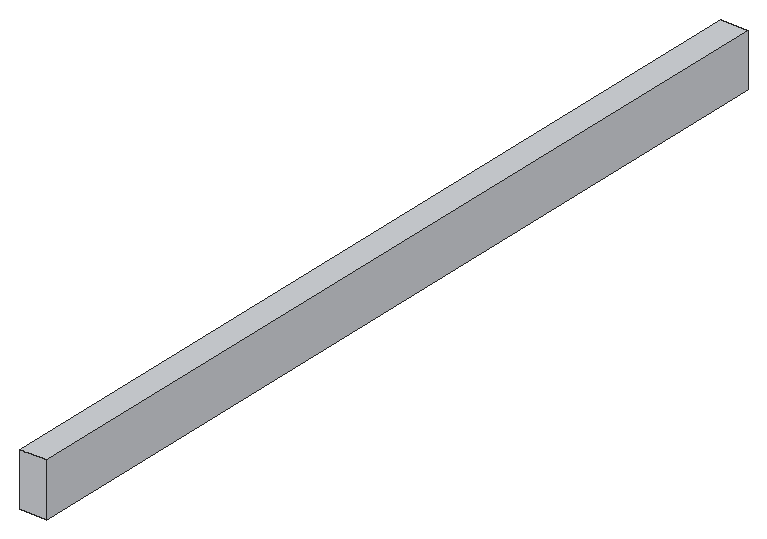
Revit family "上金枋", category 常规模型, Revit 2022
Family settings
  可将钢筋附着到主体 = 否
  圆形连接件大小 = 使用直径
  零件类型 = 标准
  基于工作平面 = 否
  总是垂直 = 是
  加载时剪切的空心 = 否
  保持注释方向 = 否
  共享 = 否
  房间计算点 = 否
Parameters
  默认高程 = 0 mm
  上金枋高 [instance] = 220 mm
  上金枋长 [instance] = 3600 mm
  上金枋宽 [instance] = 110 mm
Reference planes
  plane 1 "中心(前/后)": y = 0
  plane 2: z = 0
  plane 3 "中心(左/右)": x = 0
Forms (mm)
  Extrusion 1, solid
    sketch origin (0, 0, 0) x (1, 0, 0) y (0, 0, 1)
      loop
        line (690.251, 1805.506) -> (690.251, 1585.506) -> (800.251, 1585.506) -> (800.251, 1805.506) -> (690.251, 1805.506)
    from 0 to 3600
Dimensions and locks
  "上金枋宽": Extrusion 1 sketch curve to Extrusion 1 sketch curve
  "上金枋高": Extrusion 1 sketch curve to Extrusion 1 sketch curve
  "上金枋长": Extrusion 1 to Extrusion 1
  aligned and locked: level to plane 2
Automatic sketch dimensions
  plane 3 "中心(左/右)" to Extrusion 1 sketch curve = 690.251 mm
  level to Extrusion 1 sketch curve = 1585.506 mm
